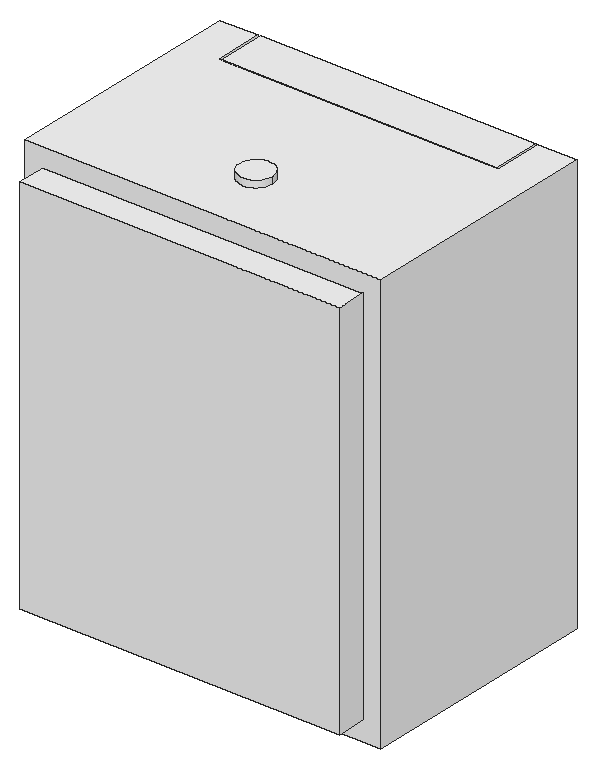
Revit family "Gira_011231", category Electrical Fixtures, host Wall, Revit 2017
Family settings
  Host = Wall
  Maintain Annotation Orientation = No
  Round Connector Dimension = Use Diameter
  Part Type = Normal
  OmniClass Number = 23.80.00.00
  OmniClass Title = Electric Power and Lighting
  Always vertical = Yes
  Cut with Voids When Loaded = No
  Shared = No
  Room Calculation Point = No
Parameters (values of type "Rock.ind.sw. CB 2-p in.sp. WD surface-mounted grey")
  With mounting plate = no
  Wiring system = ""
  White = White
  Washing machine switch = no
  URL = "https://www.gira.de/"
  Type of lighting = ""
  Type of fastening = ""
  Type Comments = ""
  Surface protection = ""
  Suitable for degree of protection (IP) = ""
  Rated current [Ampere] = 0
  Push button switch = no
  Number of rockers = 0
  Number of modules (module system) = 0
  Nominal voltage [Volt] Number = 0
  Model = ""
  Method of operation = ""
  Material quality = ""
  Material = ""
  Manufacturer = "Gira"
  Label space/information surface = ""
  Keynote = ""
  Illumination = ""
  HeinzeBIM = "https://www.heinze.de/bim/rock-ind-sw-cb-2-p-in-sp-wd-surface-mounted-grey/3c9a37bb7c78d3c8c86aba043a4927df80a671cd"
  Halogen free = no
  HAN = "011231"
  GTIN = "4010337112310"
  Function lighting = ""
  Feedback-signal contact = no
  Description = "Rock.ind.sw.CB 2-p in.sp. WT SM GY Rocker indicator switch 10 AX 250 V~ with inscription space Circuit breaker, 2-pole grey Features: - With neon lamp element.,Notes : - Can also be connected with illumination."
  Cost = 0
  Connection type = ""
  Colour = ""
  BIMSITE_PRODUCT_ID = "3c9a37bb7c78d3c8c86aba043a4927df80a671cd"
  BIM = "https://media.live.bim.site/t/eyJhbGciOiJIUzI1NiIsInR5cCI6IkpXVCJ9.eyJjdCI6MSwidGYiOiJwdWJsaWMvZ2lyYS8wOWY1ZGI1L0lQNDRfS29tcGxldHRnZXLDpHRfU2NoYWx0ZW4gdW5kIFRhc3Rlbi5yZmEiLCJjaWQiOiJmZWQ5OGU5YS0xYmQ4LTRjNjgtYTczYi03NGE5NGUzMTU4MjMiLCJyaWQiOiI5NjNlNjgxZDgyNGU2MzZhMmVlNzViNTBjYzcyMzU5ZiIsInBpZCI6IjNjOWEzN2JiN2M3OGQzYzhjODZhYmEwNDNhNDkyN2RmODBhNjcxY2QiLCJzaWQiOiI2MzQ3MCIsInV0Ijo1LCJsYyI6ImVuIiwiaWF0IjoxNjA3NTI0NTE3LCJpc3MiOiJodHRwczovL2FwaS5saXZlLmJpbS5zaXRlIiwic3ViIjoiOGQzYWE1Y2ItZTA2Ni00NTk4LWJlMTYtNmUxNmVlNzQ5NTZhIn0.GEACBQasFPtDLvOEWf2A3zzZJb4qMR7S8Fhnj_oDGFQ/IP44_Komplettgerät_Schalten und Tasten.rfa"
  Assembly arrangement = ""
  Assembly Code = ""
Reference planes
  plane 1: y = 0
  plane 2 "Center (Left/Right)": x = 125
  plane 3 "Back": y = 75
Forms (mm)
  Extrusion 1, solid, material "White" <- "White", detail levels fine
    sketch origin (0, 75, 0) x (1, 0, 0) y (0, 0, 1)
      loop
        line (154.5, 90) -> (95.5, 90) -> (95.5, 85.5) -> (154.5, 85.5) -> (154.5, 90)
    from -52.3 to -41.9
  Extrusion 2, solid, material "White" <- "White", detail levels fine
    sketch origin (0, 75, 0) x (1, 0, 0) y (0, 0, 1)
      loop
        line (154.5, 72) -> (154.5, 85) -> (95.5, 85) -> (95.5, 72) -> (154.5, 72)
    from -52.3 to -41.9
  Extrusion 3, solid, material "White" <- "White", detail levels medium+fine
    sketch origin (0, 75, 0) x (1, 0, 0) y (0, 0, 1)
      loop
        line (159.2, 86) -> (90.8, 86) -> (90.8, 4) -> (159.2, 4) -> (159.2, 86)
    from 0 to 6.2
  Extrusion 4, solid, material "White" <- "White", detail levels fine
    sketch origin (0, 75, 0) x (1, 0, 0) y (0, 0, 1)
      loop
        line (163.2, 90) -> (86.8, 90) -> (86.8, 0) -> (163.2, 0) -> (163.2, 90)
    from 0 to -52.3
  Extrusion 5, void
    sketch origin (0, 75, 0) x (1, 0, 0) y (0, 0, 1)
      loop
        line (95, 90.5) -> (95, 8.6) -> (155, 8.6) -> (155, 90.5) -> (95, 90.5)
    from -41.9 to -57.5
  Extrusion 6, solid, material "White" <- "White", detail levels medium
    sketch origin (0, 75, 0) x (1, 0, 0) y (0, 0, 1)
      loop
        line (154.5, 90) -> (95.5, 90) -> (95.5, 9.1) -> (154.5, 9.1) -> (154.5, 90)
    from -52.3 to -41.9
  Extrusion 7, solid, material "White" <- "White", detail levels coarse
    sketch origin (0, 75, 0) x (1, 0, 0) y (0, 0, 1)
      loop
        line (163.2, 91.4) -> (86.8, 91.4) -> (86.8, 0) -> (163.2, 0) -> (163.2, 91.4)
    from 6.2 to -52.3
  Extrusion 8, solid, material "White" <- "White", detail levels medium+fine
    sketch origin (163.2, 75, 90) x (-1, 0, 0) y (0, -1, 0)
      loop
        circle (38.2, -14.2) r 3.55
    from 0 to 1.4
  Extrusion 9, solid, material "White" <- "White", detail levels medium
    sketch origin (0, 75, 0) x (1, 0, 0) y (0, 0, 1)
      loop
        line (163.2, 90) -> (86.8, 90) -> (86.8, 0) -> (163.2, 0) -> (163.2, 90)
    from 0 to -52.3
  Extrusion 10, solid, material "White" <- "White", detail levels fine
    sketch origin (0, 75, 0) x (1, 0, 0) y (0, 0, 1)
      loop
        line (128.7, 43.6) -> (121.3, 43.6)
        arc (121.3, 43.6) -> (119, 41.3) -> (121.3, 39) r 2.3
        line (121.3, 39) -> (128.7, 39)
        arc (128.7, 39) -> (131, 41.3) -> (128.7, 43.6) r 2.3
    from -41.9 to -51.167
Cuts and joins
  Extrusion 5 cuts Extrusion 4
Text (mm)
  text "Placement side" at (-1867.185, 1116.779, 0), in view "Ref. Level"
  text "Placement side" at (0, 1270.507, 3001.832), in view "Left"
  text "Placement side" at (0, 530.812, 2999.686), in view "Right"
Dimensions and locks
  locked: plane 3 "Back" to host wall
  cut or joined group of Extrusion 4, Extrusion 5 to Extrusion 8 sketch curve = 14.2 mm
  aligned and locked: plane 1 to host wall
  aligned and locked: Extrusion 8 to Extrusion 6
  aligned and locked: cut or joined group of Extrusion 4, Extrusion 5 to nested 1
  aligned and locked: Extrusion 6 to nested 1
  aligned and locked: plane 3 "Back" to nested 2
Nested families
  nested 1: "Family5" at (125, 116.9, 9.1), type "Family5", detail levels fine
  nested 2: "1040099" at (125, 75, 0), type "1040099"
Connectors
  electrical at (125, 68.8, 45)
    settings: on Extrusion 3, index 1, voltage 220 V, apparent load 0 VA, apparent load phase1 0 VA, apparent load phase2 0 VA, apparent load phase3 0 VA, power factor 1, load classification "Other", number of poles 1, system type 31, power factor state 1, is connector primary yes, connector utility no, sub classification motor no, connector description ""
Definition of nested family "Family5"
  Parameters
    white = none
  Reference planes
    plane 1 "Center (Front/Back)": y = 0
    plane 2: z = 0
    plane 3 "Center (Left/Right)": x = 0
    plane 4: z = 63
    plane 5: y = 10
    plane 6: x = 29.5
    plane 7: x = -29.5
  Forms (mm)
    Extrusion 1, solid, material <- "white"
      sketch origin (0, 0, 0) x (0, 1, 0) y (0, 0, 1)
        loop
          line (0, 63) -> (0, 0) -> (10, 1.763) -> (5.815, 61.617) -> (0, 63)
      from -29.5 to 29.5
  Dimensions and locks
    aligned and locked: level to plane 2
Definition of nested family "1040099"
  Reference planes
    plane 1: y = 0
    plane 2: x = 0
